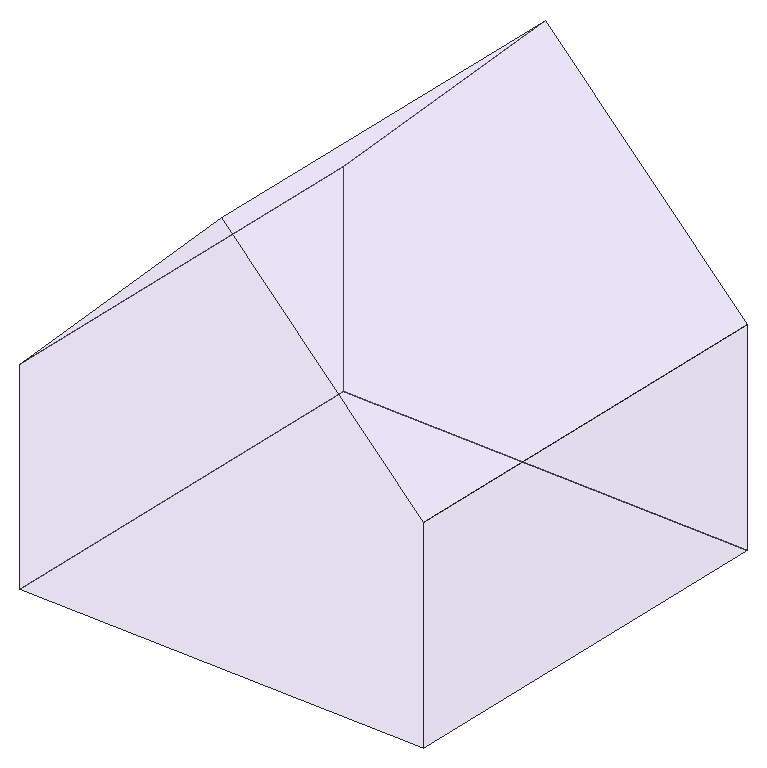
Revit family
Parameters
  Width [instance] = 9000 mm
  Mass Material [instance] = Default Mass
  Eave Height [instance] = 4500 mm
  Height [instance] = 9000 mm
  Depth [instance] = 9000 mm
  Default Elevation = 1219.2 mm
Reference planes
  plane 1 "Center (Front/Back)": y = 12.955
  plane 2: z = 0
  plane 3 "Center (Left/Right)": x = -30.261
  plane 4: y = 4512.955
  plane 5: x = 4469.739
  plane 6: x = -4530.261
  plane 7: y = -4487.045
  plane 8: z = 9000
  plane 9: z = 4500
Forms (mm)
  Extrusion 1, solid, material "Default Mass" <- "Mass Material"
    sketch origin (0, 12.955, 0) x (1, 0, 0) y (0, 0, 1)
      loop
        line (4469.739, 0) -> (4469.739, 4500) -> (-30.261, 9000) -> (-4530.261, 4500) -> (-4530.261, 0) -> (4469.739, 0)
    from -4500 to 4500
Dimensions and locks
  equal spacing: plane 6, plane 3 "Center (Left/Right)", plane 5
  "Width": plane 6 to plane 5
  equal spacing: plane 4, plane 1 "Center (Front/Back)", plane 7
  "Depth": plane 4 to plane 7
  "Height": plane 8 to plane 2
  locked: plane 2 to level
  "Eave Height": plane 9 to plane 2
  aligned and locked: Extrusion 1 sketch curve to plane 5
  aligned and locked: plane 6 to Extrusion 1 sketch curve
  aligned and locked: Extrusion 1 to plane 4
  aligned and locked: Extrusion 1 to plane 7
  aligned and locked: plane 2 to Extrusion 1 sketch curve
  aligned and locked: plane 9 to Extrusion 1 sketch curve  (x2)
  aligned and locked: plane 8 to Extrusion 1 sketch curve
Automatic sketch dimensions
  Extrusion 1 sketch curve to plane 3 "Center (Left/Right)" = 0 mm
